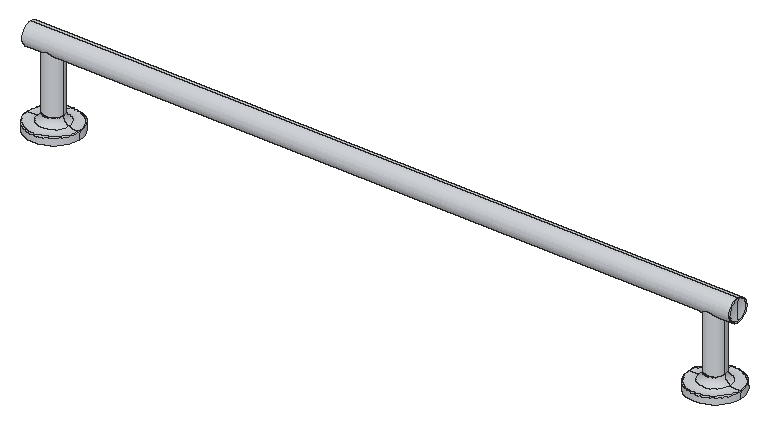
Revit family "Accessory-Towel_Bar-KOHLER-Purist-K-14436BR_1", category Specialty Equipment, host Face, Revit 2017
Family settings
  Host = Face
  Round Connector Dimension = Use Diameter
  Part Type = Normal
  OmniClass Number = 23.31.25.25
  OmniClass Title = Towel Bars
  Cut with Voids When Loaded = No
  Shared = No
  Room Calculation Point = No
Parameters (values of type "CP-Polished Chrome")
  Width = 24"  # constant formula
  WaterSense Certified = 1 = 0  # no
  URL = "https://br.kohler.com/"
  Type = 1
  Product Page URL = "https://br.kohler.com/product-detail/14436br?skuid=K-14436BR-CP"
  Product Name = "Purist"  # constant formula
  Product Documentation Link = "http://resources.kohler.com/plumbing/kohlerbrazil/pdf/1087645_BR2.pdf"
  Model = if(Type = 1, "K-14436BR-CP", if(Type = 2, "K-14436BR-BN", if(Type = 3, "K-14436BR-RGD", "NA")))  # "K-14436BR-CP"
  Material = "Premium Metal Construction"  # constant formula
  Master Format 2014 Name = "Toilet, Bath, and Laundry Accessories"  # constant formula
  Master Format 2014 = "10 28 00"  # constant formula
  Manufacturer Address = "Rio de Janeiro MULTIREPAROS RUA BATISTA DA COSTA, Nº 352 | STORE B Rio de Janeiro SÃO GONÇALO 24450-470"  # constant formula
  Manufacturer = "KOHLER Co."  # constant formula
  Length = 3 29/128"  # constant formula
  Height = 1 57/64"  # constant formula
  Finish = Kohler-Metal-CP-Polished_Chrome
  Environmental Product Declaration = ""
  Description = "610 mm towel rack"  # constant formula
  Default Elevation = 42"
  Declare Label = ""
  Date Modified = "07/08/2020"  # constant formula
  Date Created = "07/08/2020"  # constant formula
  Copyright = "Copyright KOHLER Co."  # constant formula
  Contact Us = "https://br.kohler.com/asr-listing"
  Assembly Code = "C1030200"
  ADA Compliant = 1 = 0  # no
Types (4): name | Type | Product Page URL | Model | Finish
  (no name) | 1 | "https://br.kohler.com/product-detail/14436br?skuid=K-14436BR-CP" | "K-14436BR-CP" | Kohler-Metal-CP-Polished_Chrome
  CP-Polished Chrome | 1 | "https://br.kohler.com/product-detail/14436br?skuid=K-14436BR-CP" | "K-14436BR-CP" | Kohler-Metal-CP-Polished_Chrome
  BN-Roman Silver | 2 | "https://br.kohler.com/product-detail/14436br?skuid=K-14436BR-BN" | "K-14436BR-BN" | Kohler-Metal-BN-Roman_Silver
  RGD-Rose Gold | 3 | "https://br.kohler.com/product-detail/14436br?skuid=K-14436BR-RGD" | "K-14436BR-RGD" | Kohler-Metal-RGD-Rose_Gold
Reference planes (in)
  plane 1 "Center (Front/Back)": y = 0
  plane 2: z = 0
  plane 3 "Center (Left/Right)": x = 0
  plane 4: x = -12.94488
  plane 5: x = -11.05512
  plane 6: z = 0.2554
  plane 7: x = -12
  plane 8: x = 12.94488
  plane 9: x = 11.05512
  plane 10: x = 12
  plane 11: y = 0.94488
  plane 12: y = -0.94574
  plane 13: z = 3.22656
  plane 14: z = 2.83325
  plane 15: z = 2.43955
  plane 16: x = -12.82816
  plane 17: x = 12.82816
  plane 18: y = 0.3937
  plane 19: y = -0.3937
  plane 20: z = 0.59248
  plane 21: x = 12.35433
  plane 22: x = 11.64567
  plane 23: x = -12.35433
  plane 24: x = -11.64567
  plane 25: y = 0.35433
  plane 26: y = -0.35433
Dimensions and locks (in)
  plane 16 to plane 17 = 25.65632"
  "Height": plane 11 to plane 12
  plane 9 to plane 8 = 1.88976"
  locked: plane 4 to plane 5 at 1.88976
  "Width": plane 7 to plane 10
  plane 4 to plane 8 = 25.88976"
  "Length": plane 13 to level
  aligned and locked: plane 2 to host face
  aligned and locked: level to host face
  aligned and locked: plane 3 "Center (Left/Right)" to nested 1
  aligned and locked: plane 1 "Center (Front/Back)" to nested 1
Automatic sketch dimensions
  host sketch curve to host sketch curve = 96"  (x2)
Nested families (in)
  nested 1: "K-14436BR" at (0, 0, 0), type "K-14436BR"
Definition of nested family "K-14436BR"
  Parameters (values of type "K-14436BR")
    Material = none
    Half Length1 = Half Length + 199/256"  # 12 199/256"
    Half Length = 12"
  Reference planes (in)
    plane 1 "Center (Front/Back)": y = 0
    plane 2: z = 0
    plane 3 "Center (Left/Right)": x = 0
    plane 4: x = -12
    plane 5: x = 12
    plane 6: x = -12.82816
    plane 7: x = 12.82816
    plane 8: y = 0.94488
    plane 9: y = -0.94488
    plane 10: y = -0.3937
    plane 11: y = 0.3937
    plane 12: x = -11.05512
    plane 13: x = 11.05512
    plane 14: x = -12.94488
    plane 15: x = 12.94488
    plane 16: z = 2.83325
    plane 17: z = 3.22695
    plane 18: z = 2.43955
  Forms (in)
    Revolve 1, solid, material <- "Material", detail levels medium+fine
      sketch origin (0, 0, 0) x (1, 0, 0) y (0, 0, 1)
        loop
          line (-12, 0) -> (-12, 2.73517) -> (-12.35433, 2.73517) -> (-12.35433, 0.59248) -> (-12.32033, 0.59248)
          arc (-12.32033, 0.59248) -> (-12.34423, 0.58318) -> (-12.35557, 0.56019) r 0.03537
          arc (-12.35557, 0.56019) -> (-12.41471, 0.39964) -> (-12.54706, 0.29121) r 0.32574
          arc (-12.54706, 0.29121) -> (-12.73143, 0.24256) -> (-12.92168, 0.25538) r 0.58881
          arc (-12.92168, 0.25538) -> (-12.93773, 0.25179) -> (-12.94488, 0.23698) r 0.01889
          line (-12.94488, 0.23698) -> (-12.94488, 0) -> (-12, 0)
        axis (-12, 2.73517) -> (-12, 0)
      angle from 0 to 360
    Revolve 2, solid, material <- "Material", detail levels medium+fine
      sketch origin (0, 0, 0) x (-1, 0, 0) y (0, 0, 1)
        loop
          line (-12, 0) -> (-12, 2.73517) -> (-12.35433, 2.73517) -> (-12.35433, 0.59248) -> (-12.31887, 0.59248)
          arc (-12.31887, 0.59248) -> (-12.34379, 0.58281) -> (-12.35569, 0.55887) r 0.03697
          arc (-12.35569, 0.55887) -> (-12.4151, 0.3991) -> (-12.54706, 0.29121) r 0.32574
          arc (-12.54706, 0.29121) -> (-12.73143, 0.24256) -> (-12.92168, 0.25538) r 0.58881
          arc (-12.92168, 0.25538) -> (-12.93773, 0.25179) -> (-12.94488, 0.23698) r 0.01889
          line (-12.94488, 0.23698) -> (-12.94488, 0) -> (-12, 0)
        axis (-12, 2.73517) -> (-12, 0)
      angle from 0 to 360
    Revolve 3, solid, material <- "Material", detail levels medium+fine
      sketch origin (0, 0, 0) x (1, 0, 0) y (0, 0, 1)
        loop
          line (-12.82816, 3.22695) -> (-12.82816, 3.19616)
          arc (-12.82816, 3.19616) -> (-12.79011, 3.01648) -> (-12.77734, 2.83325) r 1.32131
          line (-12.77734, 2.83325) -> (12.77734, 2.83325)
          arc (12.77734, 2.83325) -> (12.79011, 3.01648) -> (12.82816, 3.19616) r 1.32131
          line (12.82816, 3.19616) -> (12.82816, 3.22695) -> (-12.82816, 3.22695)
        axis (12.82816, 2.83325) -> (-12.82816, 2.83325)
      angle from 0 to 360
    Revolve 4, solid, material <- "Material", detail levels coarse
      sketch origin (0, 0, 0) x (1, 0, 0) y (0, 0, 1)
        loop
          line (-12, 0) -> (-12, 2.83325) -> (-12.35433, 2.83325) -> (-12.35433, 0.25588) -> (-12.94488, 0.25588) -> (-12.94488, 0) -> (-12, 0)
        axis (-12, 0) -> (-12, 2.83325)
      angle from 0 to 360
    Revolve 5, solid, material <- "Material", detail levels coarse
      sketch origin (0, 0, 0) x (-1, 0, 0) y (0, 0, 1)
        loop
          line (-12, 0) -> (-12, 2.83325) -> (-12.35433, 2.83325) -> (-12.35433, 0.25588) -> (-12.94488, 0.25588) -> (-12.94488, 0) -> (-12, 0)
        axis (-12, 0) -> (-12, 2.83325)
      angle from 0 to 360
    Extrusion 6, solid, material <- "Material", detail levels coarse
      sketch origin (0, 0, 0) x (0, 1, 0) y (0, 0, 1)
        loop
          circle (0, 2.83325) r 0.3937
      from -12.82816 to 12.82816
  Cuts and joins
    joined: Revolve 1, Revolve 2, Revolve 3
    joined: Revolve 4, Revolve 5, Extrusion 6
  Lines and regions (in)
    Masking region 1
      outline origin (0, 0, 0) x (1, 0, 0) y (0, 0, 1)
        loop
          line (-12.82816, 3.22695) -> (-12.82816, 2.43955) -> (-12.35433, 2.43955) -> (-12.35433, 0.59248) -> (-12.31895, 0.59248)
          arc (-12.31895, 0.59248) -> (-12.34394, 0.58285) -> (-12.356, 0.55895) r 0.03724
          arc (-12.356, 0.55895) -> (-12.46508, 0.34289) -> (-12.69093, 0.25588) r 0.3366
          line (-12.69093, 0.25588) -> (-12.92531, 0.25588)
          arc (-12.92531, 0.25588) -> (-12.93915, 0.25015) -> (-12.94488, 0.23631) r 0.01957
          line (-12.94488, 0.23631) -> (-12.94488, 0) -> (-11.05512, 0) -> (-11.05512, 0.23631)
          arc (-11.05512, 0.23631) -> (-11.06085, 0.25015) -> (-11.07469, 0.25588) r 0.01957
          line (-11.07469, 0.25588) -> (-11.30907, 0.25588)
          arc (-11.30907, 0.25588) -> (-11.53546, 0.34339) -> (-11.64414, 0.56042) r 0.3366
          arc (-11.64414, 0.56042) -> (-11.65558, 0.58327) -> (-11.67941, 0.59248) r 0.03543
          line (-11.67941, 0.59248) -> (-11.64567, 0.59248) -> (-11.64567, 2.43955) -> (11.64567, 2.43955) -> (11.64567, 0.59248) -> (11.67941, 0.59248)
          arc (11.67941, 0.59248) -> (11.65558, 0.58327) -> (11.64414, 0.56042) r 0.03543
          arc (11.64414, 0.56042) -> (11.53546, 0.34339) -> (11.30907, 0.25588) r 0.3366
          line (11.30907, 0.25588) -> (11.07469, 0.25588)
          arc (11.07469, 0.25588) -> (11.06085, 0.25015) -> (11.05512, 0.23631) r 0.01957
          line (11.05512, 0.23631) -> (11.05512, 0) -> (12.94488, 0) -> (12.94488, 0.23631)
          arc (12.94488, 0.23631) -> (12.93915, 0.25015) -> (12.92531, 0.25588) r 0.01957
          line (12.92531, 0.25588) -> (12.69093, 0.25588)
          arc (12.69093, 0.25588) -> (12.46508, 0.34289) -> (12.356, 0.55895) r 0.3366
          arc (12.356, 0.55895) -> (12.34394, 0.58285) -> (12.31895, 0.59248) r 0.03724
          line (12.31895, 0.59248) -> (12.35433, 0.59248) -> (12.35433, 2.43955) -> (12.82816, 2.43955) -> (12.82816, 3.22695) -> (-12.82816, 3.22695)
    Masking region 2
      outline origin (0, 0, 0) x (0, 1, 0) y (0, 0, 1)
        loop
          line (-0.94488, 0) -> (0.94488, 0) -> (0.94488, 0.23572)
          arc (0.94488, 0.23572) -> (0.93902, 0.24987) -> (0.92487, 0.25573) r 0.02002
          line (0.92487, 0.25573) -> (0.69127, 0.25573)
          arc (0.69127, 0.25573) -> (0.46469, 0.34329) -> (0.35587, 0.56047) r 0.33694
          arc (0.35587, 0.56047) -> (0.34444, 0.58328) -> (0.32065, 0.59248) r 0.03539
          line (0.32065, 0.59248) -> (0.35433, 0.59248) -> (0.35433, 2.66164)
          arc (0.35433, 2.66164) -> (0, 3.22695) -> (-0.35433, 2.66164) r 0.3937
          line (-0.35433, 2.66164) -> (-0.35433, 0.59248) -> (-0.32065, 0.59248)
          arc (-0.32065, 0.59248) -> (-0.34444, 0.58328) -> (-0.35587, 0.56047) r 0.03539
          arc (-0.35587, 0.56047) -> (-0.46469, 0.34329) -> (-0.69127, 0.25573) r 0.33694
          line (-0.69127, 0.25573) -> (-0.92487, 0.25573)
          arc (-0.92487, 0.25573) -> (-0.93902, 0.24987) -> (-0.94488, 0.23572) r 0.02002
          line (-0.94488, 0.23572) -> (-0.94488, 0)
    Masking region 3
      outline origin (0, 0, 0) x (1, 0, 0) y (0, 1, 0)
        loop
          line (-11.14105, -0.3937) -> (11.14105, -0.3937)
          arc (11.14105, -0.3937) -> (12.94488, 0) -> (11.14105, 0.3937) r 0.94488
          line (11.14105, 0.3937) -> (-11.14105, 0.3937)
          arc (-11.14105, 0.3937) -> (-12.94488, 0) -> (-11.14105, -0.3937) r 0.94488
    symbolic lines, detail levels medium+fine
      curve 1: line (-11.64567, 0, 2.43955) -> (-12.35433, 0, 2.43955)
      curve 2: line (11.64567, 0, 2.43955) -> (12.35433, 0, 2.43955)
      curve 3: line (-12.69093, 0, 0.25588) -> (-11.30907, 0, 0.25588)
      curve 4: line (11.30907, 0, 0.25588) -> (12.69093, 0, 0.25588)
      curve 5: circle (0, 0, 2.83325) r 0.36291 normal (1, 0, 0)
      curve 6: line (0, 0.69127, 0.25573) -> (0, -0.69127, 0.25573)
      curve 7: arc (0, 0.35433, 2.66164) -> (0, -0.01064, 2.43969) -> (0, -0.36309, 2.68104) r 0.3937
      curve 8: line (-12.82816, 0.3937, 0) -> (-12.82816, -0.3937, 0)
      curve 9: line (12.82816, 0.3937, 0) -> (12.82816, -0.3937, 0)
      curve 10: line (-12.82816, 0.3937, 0) -> (-11.14105, 0.3937, 0)
      curve 11: line (12.82816, 0.3937, 0) -> (11.14105, 0.3937, 0)
      curve 12: line (-12.82816, -0.3937, 0) -> (-11.14105, -0.3937, 0)
      curve 13: line (12.82816, -0.3937, 0) -> (11.14105, -0.3937, 0)
      curve 14: line (-12.31895, 0, 0.59248) -> (-11.67941, 0, 0.59248)
      curve 15: line (12.31895, 0, 0.59248) -> (11.67941, 0, 0.59248)
      curve 16: line (0, 0.32065, 0.59248) -> (0, -0.32065, 0.59248)
  Dimensions and locks (in)
    "Half Length": Revolve 1 sketch curve to plane 3 "Center (Left/Right)"
    "Half Length": Revolve 2 sketch curve to plane 3 "Center (Left/Right)"
    "Half Length1": plane 3 "Center (Left/Right)" to Revolve 3 sketch curve
    equal spacing: Revolve 3 sketch curve, plane 3 "Center (Left/Right)", Revolve 3 sketch curve
    locked: plane 4 to plane 5 at 24
    plane 8 to plane 9 = 1.88976"
    locked: plane 11 to plane 10 at 0.7874
    locked: plane 6 to plane 7 at 25.65632
    locked: plane 14 to plane 15 at 25.88976
    plane 17 to level = 3.22695"
    plane 16 to level = 2.83325"
    locked: plane 14 to plane 12 at 1.88976
    locked: plane 13 to plane 15 at 1.88976
    aligned and locked: plane 2 to level
    aligned and locked: Revolve 1 sketch curve to Revolve 1 sketch curve  (x2)
    aligned and locked: Revolve 2 sketch curve to Revolve 2 sketch curve  (x2)
    aligned and locked: Masking region 1 sketch curve to cut or joined group of Revolve 1, Revolve 2, Revolve 3  (x7)
    aligned and locked: curve 3 to Masking region 1  (x2)
    aligned and locked: Masking region 3 sketch curve to cut or joined group of Revolve 1, Revolve 2, Revolve 3  (x2)
    aligned and locked: curve 8 to cut or joined group of Revolve 1, Revolve 2, Revolve 3
    aligned and locked: curve 9 to cut or joined group of Revolve 1, Revolve 2, Revolve 3
    aligned and locked: curve 10 to Masking region 3
    aligned and locked: curve 11 to Masking region 3
  Automatic sketch dimensions
    curve 12 to plane 10 = 0"
    curve 13 to plane 10 = 0"
    curve 10 to plane 12 = 11/128"
    curve 12 to plane 12 = 11/128"
    curve 13 to plane 13 = 11/128"
    curve 11 to plane 13 = 11/128"
    Revolve 3 sketch curve to plane 16 = 0"  (x2)
    plane 6 to Revolve 3 sketch curve = 0"
    Revolve 3 sketch curve to plane 7 = 0"
    Revolve 3 sketch curve to plane 17 = 0"
    plane 14 to Revolve 3 sketch curve = 1.15377"
    plane 15 to Revolve 3 sketch curve = 1.15377"
    plane 14 to Revolve 3 sketch curve = 0.26846"
    Revolve 3 sketch curve to Revolve 3 sketch curve = 0"
    plane 11 to Masking region 3 sketch curve = 0"
    Masking region 3 sketch curve to plane 10 = 0"
    Revolve 4 sketch curve to level = 0"
    plane 14 to Revolve 4 sketch curve = 0"
    Revolve 4 sketch curve to plane 16 = 0"
    plane 4 to Revolve 4 sketch curve = 0"  (x2)
    plane 4 to Revolve 4 sketch curve = 0.35433"
    level to Revolve 4 sketch curve = 0.25588"
    Revolve 4 sketch curve to Revolve 4 sketch curve = 0.19685"
    Revolve 4 sketch curve to Revolve 4 sketch curve = 0.9639"
    Revolve 5 sketch curve to level = 0"
    Revolve 5 sketch curve to plane 15 = 0"
    Revolve 5 sketch curve to plane 16 = 0"
    Revolve 5 sketch curve to plane 5 = 0"  (x2)
    Revolve 5 sketch curve to plane 5 = 0.35433"
    Revolve 5 sketch curve to level = 0.25588"
    Revolve 5 sketch curve to Revolve 5 sketch curve = 0.19685"
    Revolve 5 sketch curve to Revolve 5 sketch curve = 0.9639"
    Masking region 1 sketch curve to plane 12 = 0"
    plane 13 to Masking region 1 sketch curve = 0"
    Masking region 1 sketch curve to plane 18 = 0"
    Masking region 1 sketch curve to plane 7 = 0"
    Masking region 1 sketch curve to level = 0"
    Masking region 1 sketch curve to plane 15 = 0"
    Masking region 1 sketch curve to plane 17 = 0"
    Masking region 1 sketch curve to plane 14 = 0.01957"
    Masking region 1 sketch curve to plane 6 = 0.13723"
    Masking region 1 sketch curve to Masking region 1 sketch curve = 0.03538"
    Masking region 1 sketch curve to Masking region 1 sketch curve = 0.03374"  (x2)
    Masking region 1 sketch curve to plane 12 = 0.25395"
    Masking region 1 sketch curve to plane 12 = 0.01957"
    Masking region 1 sketch curve to plane 13 = 0.01957"
    Masking region 1 sketch curve to Masking region 1 sketch curve = 15/64"
    Masking region 1 sketch curve to Masking region 1 sketch curve = 0.3366"  (x4)
    plane 5 to Masking region 1 sketch curve = 0.31895"
    plane 5 to Masking region 1 sketch curve = 0.35433"
    Masking region 1 sketch curve to plane 7 = 0.13723"
    Masking region 1 sketch curve to plane 15 = 0.01957"
    level to Masking region 1 sketch curve = 0.23631"  (x3)
    Masking region 1 sketch curve to Masking region 1 sketch curve = 0.23631"
    Masking region 1 sketch curve to Masking region 1 sketch curve = 0.29936"  (x2)
    Masking region 1 sketch curve to Masking region 1 sketch curve = 0.30116"  (x2)
    Masking region 1 sketch curve to Masking region 1 sketch curve = 0.03724"
    Masking region 1 sketch curve to Masking region 1 sketch curve = 0.03543"  (x2)
    Masking region 1 sketch curve to Masking region 1 sketch curve = 0"  (x9)
    Masking region 1 sketch curve to Masking region 1 sketch curve = 0.03353"
    curve 1 to plane 18 = 0"
    curve 2 to plane 18 = 0"
    plane 4 to curve 1 = 0.35433"
    plane 4 to curve 14 = 0.31895"
    curve 14 to plane 4 = 0.32059"
    curve 1 to plane 4 = 0.35433"
    curve 3 to plane 12 = 0.25395"
    curve 4 to plane 13 = 0.25395"
    curve 2 to plane 5 = 0.35433"
    curve 15 to plane 5 = 0.32059"
    plane 5 to curve 15 = 0.31895"
    plane 5 to curve 2 = 0.35433"
    curve 4 to plane 7 = 0.13723"
    level to curve 4 = 0.25588"
    curve 3 to curve 14 = 0.3366"
    curve 4 to curve 15 = 0.3366"
    Revolve 1 sketch curve to level = 0"
    plane 14 to Revolve 1 sketch curve = 0"
    Revolve 1 sketch curve to Revolve 1 sketch curve = 0.01889"
    Revolve 1 sketch curve to plane 6 = 0.04067"
    Revolve 1 sketch curve to plane 6 = 0.14809"
    Revolve 1 sketch curve to plane 16 = 0.09808"
    Revolve 1 sketch curve to Revolve 1 sketch curve = 0.35433"
    Revolve 1 sketch curve to Revolve 1 sketch curve = 0.034"
    level to Revolve 1 sketch curve = 0.23698"
    Revolve 1 sketch curve to Revolve 1 sketch curve = 0.03145"
    Revolve 1 sketch curve to Revolve 1 sketch curve = 0.03537"
    Revolve 1 sketch curve to Revolve 1 sketch curve = 0.24014"
    Revolve 1 sketch curve to Revolve 1 sketch curve = 0"  (x3)
    plane 4 to Revolve 1 sketch curve = 0.32033"
    Revolve 1 sketch curve to level = 1/2"
    level to Revolve 1 sketch curve = 0.55711"
    Revolve 2 sketch curve to level = 0"
    Revolve 2 sketch curve to plane 15 = 0"
    Revolve 2 sketch curve to Revolve 2 sketch curve = 0.01889"
    plane 7 to Revolve 2 sketch curve = 0.04067"
    plane 7 to Revolve 2 sketch curve = 0.14809"
    plane 16 to Revolve 2 sketch curve = 0.09808"
    Revolve 2 sketch curve to Revolve 2 sketch curve = 0.03546"
    Revolve 2 sketch curve to level = 0.23698"
    Revolve 2 sketch curve to Revolve 2 sketch curve = 0.03306"
    Revolve 2 sketch curve to Revolve 2 sketch curve = 0.03697"
    Revolve 2 sketch curve to Revolve 2 sketch curve = 0.24014"
    Revolve 2 sketch curve to Revolve 2 sketch curve = 0"  (x3)
    Revolve 2 sketch curve to plane 5 = 0.31887"
    level to Revolve 2 sketch curve = 1/2"
    Revolve 2 sketch curve to Revolve 2 sketch curve = 0.0336"
    Revolve 2 sketch curve to plane 5 = 0.35433"
    Masking region 2 sketch curve to level = 0"
    Masking region 2 sketch curve to plane 9 = 0"
    Masking region 2 sketch curve to plane 1 "Center (Front/Back)" = 0"
    Masking region 2 sketch curve to plane 8 = 0"
    Masking region 2 sketch curve to plane 16 = 0"
    Masking region 2 sketch curve to plane 9 = 0.02002"
    Masking region 2 sketch curve to plane 9 = 0.25361"
    plane 10 to Masking region 2 sketch curve = 0.03937"
    Masking region 2 sketch curve to Masking region 2 sketch curve = 0.03368"
    plane 11 to Masking region 2 sketch curve = 0.07305"
    plane 11 to Masking region 2 sketch curve = 0.03937"
    Masking region 2 sketch curve to plane 8 = 0.25361"
    Masking region 2 sketch curve to Masking region 2 sketch curve = 0.02002"
    Masking region 2 sketch curve to Masking region 2 sketch curve = 0.23572"  (x2)
    Masking region 2 sketch curve to Masking region 2 sketch curve = 0.03539"  (x2)
    Masking region 2 sketch curve to Masking region 2 sketch curve = 0.30135"
    Masking region 2 sketch curve to Masking region 2 sketch curve = 0.33694"
    Masking region 2 sketch curve to plane 16 = 0.17161"
    Masking region 2 sketch curve to Masking region 2 sketch curve = 0.00154"
    Masking region 2 sketch curve to Masking region 2 sketch curve = 0"  (x4)
    Masking region 2 sketch curve to Masking region 2 sketch curve = 0.0002"
    curve 5 to curve 7 = 0"  (x2)
    curve 7 to plane 1 "Center (Front/Back)" = 0"
    curve 7 to plane 16 = 0"
    plane 10 to curve 16 = 0.07305"
    plane 10 to curve 7 = 0.03061"
    curve 6 to plane 9 = 0.25361"
    plane 11 to curve 16 = 0.07305"
    plane 11 to curve 7 = 0.03937"
    curve 6 to plane 8 = 0.25361"
    curve 7 to plane 16 = 0.15221"
    level to curve 16 = 0.59248"
    level to curve 6 = 0.25573"
    radius of curve 5 = 0.36291"
